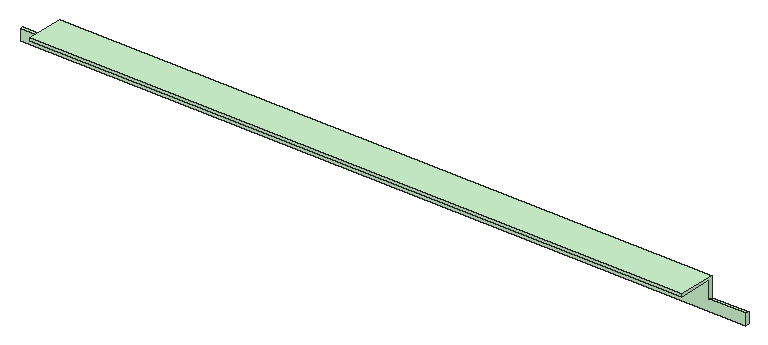
Revit family "点検口小口L=394", category 機械設備, Revit 2020
Family settings
  丸型コネクタ寸法 = 直径を使用
  種別 = なし
  パーツ タイプ = 標準
  作業面ベース = いいえ
  常に垂直 = はい
  ロード時にボイドで切り取り = いいえ
  共有 = いいえ
  部屋計算ポイント = いいえ
Parameters
  製造元 = "株式会社桐井製作所"
  既定の高さ = 0 mm
  URL = "https://www.kirii.co.jp/"
  K_材質 = "アルミ押出形材　A6063S-T5"
  K_品名 = "点検口小口L=394"
  K_名称 = "点検口金具"
  K_入数 = "500"
  K_バージョン情報 = "20220915"
Reference planes
  plane 1 "中心(正面/背面)": y = 0
  plane 2: z = 0
  plane 3 "中心(左/右)": x = 0
Forms (mm)
  Extrusion 1, solid
    sketch origin (0, -10.8, 0) x (0, 1, 0) y (0, 0, -1)
      loop
        line (10.8, 0) -> (9.3, 0) -> (9.3, -15) -> (-9.2, -15) -> (-9.2, -16.5) -> (10.8, -16.5) -> (10.8, 0)
    from -197 to 197
  Extrusion 2, void
    sketch origin (0, 0, 0) x (1, 0, 0) y (0, 0, 1)
      loop
        line (-197, 16.5) -> (-197, 6) -> (-177, 6) -> (-177, 16.5) -> (-197, 16.5)
    from 0 to 20
  Extrusion 3, void
    sketch origin (0, 0, 0) x (-1, 0, 0) y (0, 0, -1)
      loop
        line (-197, -16.5) -> (-177, -16.5) -> (-177, -6) -> (-197, -6) -> (-197, -16.5)
    from 0 to 20
Cuts and joins
  Extrusion 2, Extrusion 3 cuts Extrusion 1
Dimensions and locks
  aligned and locked: level to plane 2
